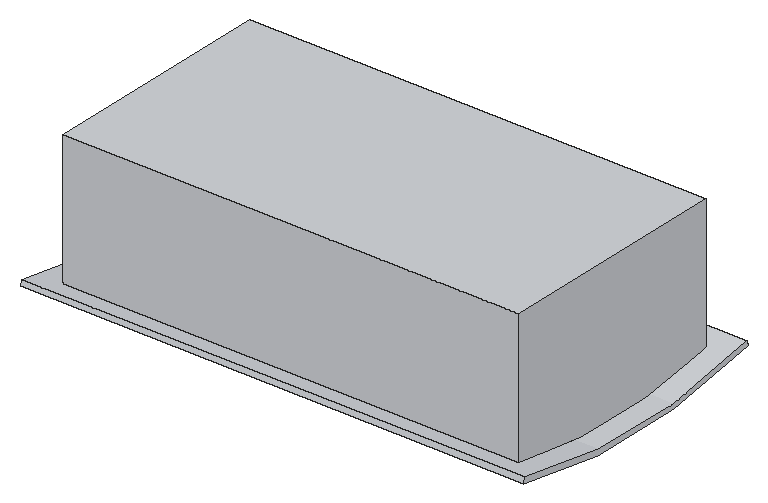
Revit family "M_Supply Grille - Single Deflection - Curve Face Rectangular Neck", category Air Terminals, Revit 2023
Family settings
  Round Connector Dimension = Use Diameter
  Part Type = Normal
  Work Plane-Based = No
  Always vertical = Yes
  Cut with Voids When Loaded = No
  Shared = No
  Room Calculation Point = No
Parameters (values of type "410x210 Connection 1000 Diameter Duct")
  Width 3 = Duct Height * 0.25 * tan(asin(Duct Height * 0.25 / Radius 2) * 0.5)  # 2.736 mm
  Width 1 = Panel Thickness * sin(Angle 3 * 0.5)  # 1.248 mm
  Width = 225 mm
  Radius 2 = Radius 1 + Panel Thickness  # 505 mm
  Radius 1 = Duct Diameter * 0.5  # 500 mm
  Radius = (Duct Height * 0.5) / cos(Angle 1) / sin(Angle 1)  # 215.16 mm
  Pressure Drop [instance] = 11.0 Pa
  Panel Thickness = 5 mm  # constant formula
  Length 1 = Duct Width / 6  # 68.333 mm
  Width 2 = Duct Height * 0.5 * tan(asin(Duct Height * 0.5 / Radius 2) * 0.5)  # 11.036 mm
  Length = 425 mm
  Height 1 = if(Height > Grille Height - Panel Thickness, Height + 25 mm, Grille Height)  # 136 mm
  Height = Duct Height * 0.5 * tan(asin(Duct Height * 0.5 / (Duct Diameter * 0.5 - Panel Thickness)) * 0.5)  # 11.265 mm
  Grille Material = none
  Duct Width = Length - 15 mm  # 410 mm
  Duct Height = Width - 15 mm  # 210 mm
  Grille Width = Width + 27 mm  # 252 mm
  Duct Diameter = 1000 mm
  Grille Length = Length + 27 mm  # 452 mm
  Grille Height = 136 mm
  Default Elevation = 0 mm
  Angle 3 = asin((Grille Width * 0.5) / Radius 2) * 2  # 28.8964°
  Angle 2 = atan(Width 2 / (Duct Height * 0.5)) * 4  # 24.0011°
  Angle 1 = atan((Grille Height - Panel Thickness) / (Duct Height * 0.5))  # 51.2869°
  Air Flow [instance] = 206.0 L/s
Types (3, lengths in mm): name | Width 3 | Width 1 | Width | Radius 2 | Radius 1 | Radius | Pressure Drop | Length 1 | Width 2 | Length | Height 1 | Height | Duct Width | Duct Height | Grille Width | Duct Diameter | Grille Length | Grille Height | Angle 3 | Angle 2 | Angle 1 | Air Flow
  410x210 Connection 1000 Diameter Duct | 2.736 | 1.248 | 225 | 505 | 500 | 215.16 | 11.0 Pa | 68.333 | 11.036 | 425 | 136 | 11.265 | 410 | 210 | 252 | 1000 | 452 | 136 | 28.8964° | 24.0011° | 51.2869° | 206.0 L/s
  310x110 Connection 600 Diameter Duct | 1.242 | 1.246 | 125 | 305 | 300 | 134.538 | 9.0 Pa | 51.667 | 5 | 325 | 111 | 5.172 | 310 | 110 | 152 | 600 | 352 | 111 | 28.858° | 20.7777° | 62.5766° | 78.0 L/s
  210x60 Connection 250 Diameter Duct | 0.868 | 1.962 | 75 | 130 | 125 | 100 | 7.0 Pa | 35 | 3.509 | 225 | 95 | 3.81 | 210 | 60 | 102 | 250 | 252 | 95 | 46.1963° | 26.6847° | 71.5651° | 25.0 L/s
Reference planes
  plane 1 "Center (Front/Back)": y = 0
  plane 2: z = 0
  plane 3 "Center (Left/Right)": x = 0
  plane 4: z = 131
  plane 5: z = -5
  plane 6: x = -205
  plane 7: x = 205
  plane 8: y = 105
  plane 9: y = -105
  plane 10: z = 500
  plane 11: x = 226
  plane 12: x = -226
  plane 13: y = 126
  plane 14: y = -126
  plane 15: x = -68.333
  plane 16: x = 68.333
  plane 17: z = 6.036
  plane 18: z = 4.862
  plane 19: z = -2.264
  plane 20: z = 11.265
  plane 21: x = 136.667
  plane 22: x = -136.667
  plane 23: y = 124.752
  plane 24: y = -124.752
Forms (mm)
  Extrusion 1, solid, material <- "Grille Material"
    sketch origin (205, -4572, 2609.058) x (0, 0, 1) y (0, -1, 0)
      loop
        line (-2478.058, -4677) -> (-2478.058, -4467) -> (-2597.909, -4467)
        arc (-2597.909, -4467) -> (-2609.058, -4572) -> (-2597.909, -4677) r 500
        line (-2597.909, -4677) -> (-2478.058, -4677)
    from -410 to 0
  Extrusion 2, solid, material <- "Grille Material"
    sketch origin (205, -4572, 2609.058) x (0, 0, 1) y (0, -1, 0)
      loop
        line (-2598.089, -4697.99) -> (-2593.247, -4696.743)
        arc (-2593.247, -4696.743) -> (-2609.058, -4571.995) -> (-2593.245, -4447.248) r 500
        line (-2593.245, -4447.248) -> (-2598.084, -4445.99)
        arc (-2598.084, -4445.99) -> (-2614.058, -4571.99) -> (-2598.089, -4697.99) r 505
    from -431 to 21
Cuts and joins
  joined: Extrusion 1, Extrusion 2
Lines and regions (mm)
  model lines
    curve 1: arc (68.333, 105, 6.036) -> (68.333, 0, -5) -> (68.333, -105, 6.036) r 505
    curve 2: arc (205, 105, 6.036) -> (205, 0, -5) -> (205, -105, 6.036) r 505
    curve 3: line (205, 105, 6.036) -> (-205, 105, 6.036)
    curve 4: line (205, -105, 6.036) -> (-205, -105, 6.036)
    curve 12: arc (0, -105, 6.036) -> (0, 0, -5) -> (0, 105, 6.036) r 505
    curve 13: arc (-68.333, -105, 6.036) -> (-68.333, 0, -5) -> (-68.333, 105, 6.036) r 505
    curve 14: arc (-205, 105, 6.036) -> (-205, 0, -5) -> (-205, -105, 6.036) r 505
    curve 15: arc (136.667, -105, 6.036) -> (136.667, 0, -5) -> (136.667, 105, 6.036) r 505
    curve 16: arc (-136.667, 105, 6.036) -> (-136.667, 0, -5) -> (-136.667, -105, 6.036) r 505
  symbolic lines
    curve 5: line (0, 105, 6.036) -> (0, -105, 6.036)
    curve 6: line (68.333, 105, 6.036) -> (68.333, -105, 6.036)
    curve 7: line (-68.333, 105, 6.036) -> (-68.333, -105, 6.036)
    curve 8: line (-226, 126, 6.036) -> (226, 126, 6.036)
    curve 9: line (-226, -126, 6.036) -> (-226, 126, 6.036)
    curve 10: line (226, -126, 6.036) -> (-226, -126, 6.036)
    curve 11: line (226, 126, 6.036) -> (226, -126, 6.036)
Dimensions and locks
  equal spacing: plane 8, plane 1 "Center (Front/Back)", plane 9
  "Duct Height": plane 8 to plane 9
  equal spacing: plane 6, plane 3 "Center (Left/Right)", plane 7
  "Duct Width": plane 6 to plane 7
  equal spacing: plane 13, plane 1 "Center (Front/Back)", plane 14
  "Grille Width": plane 13 to plane 14
  "Panel Thickness": plane 2 to plane 5
  "Height 1": plane 4 to plane 5
  "Radius 1": plane 10 to plane 2
  equal spacing: plane 12, plane 3 "Center (Left/Right)", plane 11
  "Grille Length": plane 12 to plane 11
  "Length 1": plane 15 to plane 3 "Center (Left/Right)"
  "Length 1": plane 3 "Center (Left/Right)" to plane 16
  "Width 2": plane 17 to plane 5
  "Width 3": plane 19 to plane 5
  "Height": plane 20 to plane 2
  "Length 1": plane 6 to plane 22
  "Length 1": plane 21 to plane 7
  "Width 1": plane 13 to plane 23
  "Width 1": plane 24 to plane 14
  "Radius 2": radius of curve 1
  "Radius 2": radius of curve 2
  "Radius 1": radius of Extrusion 1 sketch curve
  "Radius 2": radius of Extrusion 2 sketch curve
  "Radius 2": radius of curve 12
  "Radius 2": radius of curve 13
  "Radius 2": radius of curve 14
  "Radius 1": radius of Extrusion 2 sketch curve
  "Radius 2": radius of curve 15
  "Radius 2": radius of curve 16
  "Angle 2": angle curve 13 to curve 13
  "Angle 2": angle curve 14 to curve 14
  "Angle 2": angle curve 12 to curve 12
  "Angle 2": angle curve 1 to curve 1
  "Angle 2": angle curve 2 to curve 2
  "Angle 3": angle Extrusion 2 sketch curve to Extrusion 2 sketch curve
  "Angle 2": angle curve 15 to curve 15
  "Angle 2": angle curve 16 to curve 16
  aligned and locked: plane 2 to level
  aligned and locked: plane 10 to curve 1
  aligned and locked: plane 1 "Center (Front/Back)" to curve 1
  aligned and locked: plane 10 to curve 2
  aligned and locked: plane 1 "Center (Front/Back)" to curve 2
  aligned and locked: plane 6 to curve 3
  aligned and locked: plane 7 to curve 3
  aligned and locked: curve 4 to plane 9
  aligned and locked: plane 8 to curve 3
  aligned and locked: plane 8 to curve 5
  aligned and locked: plane 9 to curve 5
  aligned and locked: plane 16 to curve 6
  aligned and locked: curve 5 to plane 3 "Center (Left/Right)"
  aligned and locked: curve 7 to plane 15
  aligned and locked: curve 10 to plane 14
  aligned and locked: curve 11 to plane 11
  aligned and locked: curve 8 to plane 13
  aligned and locked: plane 12 to curve 9
  aligned and locked: plane 8 to Extrusion 1 sketch curve
  aligned and locked: Extrusion 1 sketch curve to plane 4
  aligned and locked: plane 4 to Extrusion 1 sketch curve
  aligned and locked: plane 10 to Extrusion 1 sketch curve
  aligned and locked: plane 1 "Center (Front/Back)" to Extrusion 1 sketch curve
  aligned and locked: Extrusion 1 sketch curve to plane 9
  aligned and locked: plane 10 to Extrusion 2 sketch curve  (x2)
  aligned and locked: plane 1 "Center (Front/Back)" to Extrusion 2 sketch curve  (x2)
  aligned and locked: Extrusion 2 to plane 12
  aligned and locked: plane 11 to Extrusion 2
  aligned and locked: Extrusion 1 to plane 6
  aligned and locked: plane 7 to Extrusion 1
  aligned and locked: plane 1 "Center (Front/Back)" to curve 12
  aligned and locked: plane 10 to curve 14
  aligned and locked: plane 1 "Center (Front/Back)" to curve 14
  aligned and locked: plane 10 to curve 13
  aligned and locked: plane 1 "Center (Front/Back)" to curve 13
  aligned and locked: plane 24 to Extrusion 2 sketch curve
  aligned and locked: plane 10 to curve 15
  aligned and locked: plane 1 "Center (Front/Back)" to curve 15
  aligned and locked: plane 10 to curve 16
  aligned and locked: plane 1 "Center (Front/Back)" to curve 16
Automatic sketch dimensions
  curve 4 to plane 7 = 0 mm
  curve 4 to plane 6 = 0 mm
  curve 12 to plane 9 = 0 mm
  curve 12 to plane 17 = 0 mm
  curve 14 to plane 8 = 0 mm
  curve 2 to plane 8 = 0 mm
  curve 1 to plane 8 = 0 mm
  curve 13 to plane 9 = 0 mm
  Extrusion 2 sketch curve to plane 14 = 0 mm
  Extrusion 2 sketch curve to plane 13 = 0.01 mm
  Extrusion 2 sketch curve to plane 23 = 0.01 mm
  curve 15 to plane 9 = 0 mm
  curve 16 to plane 8 = 0 mm
Connectors
  hvac at (0, 0, 131), driven by "Pressure Drop", driven by "Air Flow", driven by "Duct Height", driven by "Duct Width"
    settings: on cut or joined group of Extrusion 1, Extrusion 2, index 1, duct flow 206.0 L/s, flow factor 0, pres drop 11.0 Pa, loss coef 0, conn angle 0.00°, conn width 410 mm, conn height 210 mm, conn diameter 609.6 mm, duct sys type 1, conn prof type 1, flow config 1, flow direction 1, loss method 4, conn ref index -1, conn util no, is conn primary yes, conn desc "In"
